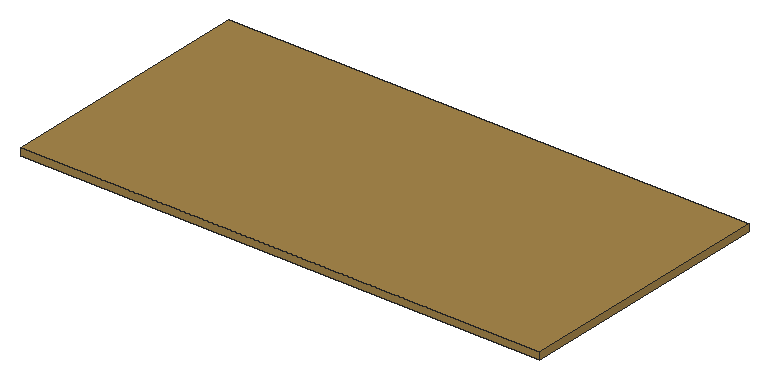
Revit family "Storage_Top-Teknion-PLST__For_Clusters_With_Or_Without_End_Units-R2015", category Furniture, Revit 2015
Parameters (values of type "Back to Back Cluster of 6 Units")
  Width [instance] = 72.000"
  Warranty = "http://www.teknion.com/ca/papers/legal-canada"
  Unit Weight URL = "http://www.teknion.com/ca/tools/assets#&asset=bee6a381-b954-425e-8283-5a2de3a804f2,f828d448-4b62-4231-9e5f-9a8991c0ed77"
  URL = "www.teknion.com"
  Table Top Finish [instance] = Foundation Laminate - Teknion - YA - Anigre
  Sustainability Data = "http://www.teknion.com/ca/tools/assets#&topic=216f99a5-57a0-44fc-b10a-9dee9b29ae4c&asset=444deb64-fe58-4b68-981e-f75e97781df7"
  Default Elevation = 48.000"
  Configuration Name = if(and([1 Unit], Has 2 End Unit), 10, if(and([2 Back to Back Units], Has 1 End Unit), 8, if(and([2 Back to Back Units], Has 2 End Unit), 6, if(and([2 Units Side by Side], Has 2 End Unit), 11, if(and(Back to Back Cluster of 4 Units, Has 2 End Unit), 7, if(and(Back to Back Cluster of 4 Units, Has 1 End Unit), 9, if(Back to Back Cluster of 6 Units, 5, if(Back to Back Cluster of 4 Units, 4, if([3 Units Side by Side], 2, if([2 Units Side by Side], 1, 3))))))))))  # 5
  Available Widths [instance] = if(Configuration Name = 1, "48, 60, 72, 84 inches", if(Configuration Name = 2, "72, 90 inches", if(Configuration Name = 3, "24, 30, 36, 42 inches", if(Configuration Name = 4, "48, 60, 72, 84 inches", if(Configuration Name = 5, "72, 90 inches", if(Configuration Name = 6, "60, 64, 66, 70, 72, 76, 78, 82 inches", if(Configuration Name = 7, "84, 88, 96 inches", if(Configuration Name = 8, "42, 44, 48, 50, 54, 56, 60, 62 inches", if(Configuration Name = 9, "66, 68, 78, 80, 90, 92 inches", if(Configuration Name = 10, "60, 64, 66, 70, 72, 76, 78, 82 inches", "84, 88, 96  20 inches"))))))))))  # "72, 90 inches"
  Series = "Ledger Plus"  # constant formula
  Product Page URL = "http://www.teknion.com/ca/products/product-details?productlineid=1293336e-8e7a-673b-a6c8-ff00004460c4"
  Product Line = "Filing and Storage"  # constant formula
  Product Documentation Link = "http://www.teknion.com/pricing/Filing-Storage/pdfs/PLSTN_ppg.pdf"
  Part Number = "PLSTN"
  Model = "PLSTNE_"
  Manufacturer Phone = "416-661-3370"  # constant formula
  Manufacturer Fax = "416.661.4586"  # constant formula
  Manufacturer Contact Information = "http://www.teknion.com/ca/contactus"
  Manufacturer Address = "1150 Flint Road, Toronto, ON. M3J 2J5. Canada"  # constant formula
  Manufacturer = "Teknion"  # constant formula
  Has 2 End Unit = no
  Has 1 End Unit = no
  Description = "Storage Top for Cluster Without End Units, Back to Back Cluster of 6 Units"
  Depth [instance] = 36.000"
  Back to Back Cluster of 6 Units = yes
  Back to Back Cluster of 4 Units = no
  Available Depths [instance] = if(Configuration Name = 1, "18, 20 inches", if(Configuration Name = 2, "18, 20 inches", if(Configuration Name = 3, "36, 40 inches", if(Configuration Name = 4, "36, 40 inches", if(Configuration Name = 5, "36, 40 inches", if(Configuration Name = 6, "36, 40 inches", if(Configuration Name = 7, "36, 40 inches", if(Configuration Name = 8, "36 inches", if(Configuration Name = 9, "36 inches", if(Configuration Name = 10, "36, 36 inches", "36, 36 inches"))))))))))  # "36, 40 inches"
  Assembly Code = "E2020200"
  3 Units Side by Side = no
  2 Units Side by Side = no
  2 Back to Back Units = no
  1 Unit = no
Types (12): name | Width | Configuration Name | Available Widths | Product Documentation Link | Part Number | Model | Has 2 End Unit | Has 1 End Unit | Description | Depth | Back to Back Cluster of 6 Units | Back to Back Cluster of 4 Units | Available Depths | 3 Units Side by Side | 2 Units Side by Side | 2 Back to Back Units | 1 Unit
  (no name) | 72.000" | 5 | "72, 90 inches" | "http://www.teknion.com/pricing/Filing-Storage/pdfs/PLSTN_ppg.pdf" | "PLSTN" | "PLSTNE_" | no | no | "Storage Top for Cluster Without End Units, Back to Back Cluster of 6 Units" | 36.000" | yes | no | "36, 40 inches" | no | no | no | no
  2 Units Side by Side | 48.000" | 1 | "48, 60, 72, 84 inches" | "http://www.teknion.com/pricing/Filing-Storage/pdfs/PLSTN_ppg.pdf" | "PLSTN" | "PLSTNA_" | no | no | "Storage Top for Cluster Without End Units, 2 Units Side by Side" | 18.000" | no | no | "18, 20 inches" | no | yes | no | no
  3 Units Side by Side | 72.000" | 2 | "72, 90 inches" | "http://www.teknion.com/pricing/Filing-Storage/pdfs/PLSTN_ppg.pdf" | "PLSTN" | "PLSTNB_" | no | no | "Storage Top for Cluster Without End Units, 3 Units Side by Side" | 18.000" | no | no | "18, 20 inches" | yes | no | no | no
  2 Back to Back Units | 24.000" | 3 | "24, 30, 36, 42 inches" | "http://www.teknion.com/pricing/Filing-Storage/pdfs/PLSTN_ppg.pdf" | "PLSTN" | "PLSTNC_" | no | no | "Storage Top for Cluster Without End Units, 2 Back to Back Units" | 36.000" | no | no | "36, 40 inches" | no | no | yes | no
  Back to Back Cluster of 4 Units | 48.000" | 4 | "48, 60, 72, 84 inches" | "http://www.teknion.com/pricing/Filing-Storage/pdfs/PLSTN_ppg.pdf" | "PLSTN" | "PLSTND_" | no | no | "Storage Top for Cluster Without End Units, Back to Back Cluster of 4 Units" | 36.000" | no | yes | "36, 40 inches" | no | no | no | no
  Back to Back Cluster of 6 Units | 72.000" | 5 | "72, 90 inches" | "http://www.teknion.com/pricing/Filing-Storage/pdfs/PLSTN_ppg.pdf" | "PLSTN" | "PLSTNE_" | no | no | "Storage Top for Cluster Without End Units, Back to Back Cluster of 6 Units" | 36.000" | yes | no | "36, 40 inches" | no | no | no | no
  2 Back to Back Units With 2 End Units | 24.000" | 6 | "60, 64, 66, 70, 72, 76, 78, 82 inches" | "http://www.teknion.com/pricing/Filing-Storage/pdfs/PLSTY_ppg.pdf" | "PLSTY" | "PLSTYJ_" | yes | no | "Storage Top for Cluster With End Units, 2 Back to Back Units With 2 End Units" | 36.000" | no | no | "36, 40 inches" | no | no | yes | no
  2 Back to Back Units with 1 End Unit | 24.000" | 8 | "42, 44, 48, 50, 54, 56, 60, 62 inches" | "http://www.teknion.com/pricing/Filing-Storage/pdfs/PLSTY_ppg.pdf" | "PLSTY" | "PLSTYJ_" | no | yes | "Storage Top for Cluster With End Units, 2 Back to Back Units with 1 End Unit" | 36.000" | no | no | "36 inches" | no | no | yes | no
  Back to Back Cluster of 4 Units With 2 End Units | 24.000" | 7 | "84, 88, 96 inches" | "http://www.teknion.com/pricing/Filing-Storage/pdfs/PLSTY_ppg.pdf" | "PLSTY" | "PLSTYG_" | yes | no | "Storage Top for Cluster With End Units, Back to Back Cluster of 4 Units With 2 End Units" | 36.000" | no | yes | "36, 40 inches" | no | no | no | no
  Back to Back Cluster of 4 Units With 1 End Unit | 24.000" | 9 | "66, 68, 78, 80, 90, 92 inches" | "http://www.teknion.com/pricing/Filing-Storage/pdfs/PLSTY_ppg.pdf" | "PLSTY" | "PLSTYH_" | no | yes | "Storage Top for Cluster Without End Units, Back to Back Cluster of 4 Units With 1 End Unit" | 36.000" | no | yes | "36 inches" | no | no | no | no
  1 Unit With 2 End Units | 24.000" | 10 | "60, 64, 66, 70, 72, 76, 78, 82 inches" | "http://www.teknion.com/pricing/Filing-Storage/pdfs/PLSTY_ppg.pdf" | "PLSTY" | "PLSTYK_" | yes | no | "Storage Top for Cluster With End Units, 1 Unit with 2 End Units" | 36.000" | no | no | "36, 36 inches" | no | no | no | yes
  2 Units Side by Side With 2 End Units | 24.000" | 11 | "84, 88, 96  20 inches" | "http://www.teknion.com/pricing/Filing-Storage/pdfs/PLSTY_ppg.pdf" | "PLSTY" | "PLSTYM_" | yes | no | "Storage Top for Cluster With End Units, 2 Units Side by Side With 2 End Units" | 36.000" | no | no | "36, 36 inches" | no | yes | no | no
Reference planes (in)
  plane 1 "Center Front/Back": y = 0
  plane 2: z = 0
  plane 3 "Center Left/Right": x = 0
  plane 4 "Left": x = -36
  plane 5 "Right": x = 36
  plane 6 "Back": y = 18
  plane 7 "Front": y = -18
  plane 8 "Top": z = 1
Forms (in)
  Extrusion 1, solid, material "Foundation Laminate - Teknion - YA - Anigre" <- "Table Top Finish"
    sketch origin (0, 0, 0) x (1, 0, 0) y (0, 1, 0)
      loop
        line (-36, 18) -> (-36, -18) -> (36, -18) -> (36, 18) -> (-36, 18)
    from 0 to 1
Lines and regions (in)
  Masking region 1
    outline origin (0, 0, 0) x (1, 0, 0) y (0, 1, 0)
      loop
        line (-36, 18) -> (-36, -18) -> (36, -18) -> (36, 18) -> (-36, 18)
  reference lines, not visible
    curve 1: line (-36, 18, 0) -> (36, 18, 0)
    curve 2: line (36, 18, 0) -> (36, -18, 0)
    curve 3: line (36, -18, 0) -> (-36, -18, 0)
    curve 4: line (-36, 18, 0) -> (-36, -18, 0)
Dimensions and locks (in)
  "Width": plane 4 "Left" to plane 5 "Right"
  "Depth": plane 6 "Back" to plane 7 "Front"
  locked: plane 8 "Top" to level at 1
  equal spacing: plane 4 "Left", plane 3 "Center Left/Right", plane 5 "Right"
  equal spacing: plane 6 "Back", plane 1 "Center Front/Back", plane 7 "Front"
  aligned and locked: level to plane 2
  aligned and locked: Extrusion 1 sketch curve to plane 6 "Back"
  aligned and locked: Extrusion 1 sketch curve to plane 7 "Front"
  aligned and locked: plane 4 "Left" to Extrusion 1 sketch curve
  aligned and locked: plane 5 "Right" to Extrusion 1 sketch curve
  aligned and locked: Masking region 1 sketch curve to plane 6 "Back"
  aligned and locked: plane 4 "Left" to Masking region 1 sketch curve
  aligned and locked: Masking region 1 sketch curve to plane 7 "Front"
  aligned and locked: plane 5 "Right" to Masking region 1 sketch curve
  aligned and locked: curve 4 to plane 4 "Left"
  aligned and locked: curve 1 to plane 6 "Back"
  aligned and locked: plane 5 "Right" to curve 2
  aligned and locked: curve 3 to plane 7 "Front"
  aligned and locked: Extrusion 1 to level
  aligned and locked: plane 8 "Top" to Extrusion 1
